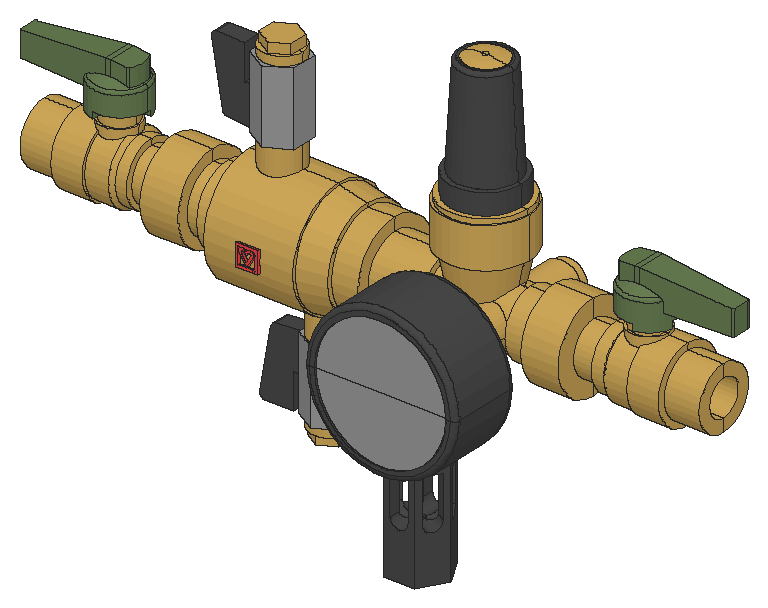
Revit family "HERZ System Separator Refilling Combination Type BA 0305", category Rohrzubehör, Revit 2021
Family settings
  Bemaßung runder Anschluss = Durchmesser verwenden
  Teiletyp = Unterbricht
  OmniClass-Nummer = 23.65.55.14
  OmniClass-Titel = Valves for Liquid Services
  Arbeitsebenenbasiert = Nein
  Immer vertikal = Ja
  Beim Laden mit Abzugskörper schneiden = Nein
  Gemeinsam genutzt = Nein
Parameters
  Vorgabe-Ansicht = 0.000 mm
  Note = "Pursuant to Article 33 of the REACH Regulation (EC No. 1907/2006), we are obliged to point out that the material lead is listed on the SVHC list and that all brass components manufactured in our products exceed 0.1% (w / w) lead (CAS: 7439-92-1 / EINECS: 231-100-4).\r\nSince lead is a component part of an alloy, actual exposure is not possible and therefore no additional information on safe use is necessary."
  Installation position = "horizontal"  # constant formula
  Factory pre-setting = 150000.0 Pa  # constant formula
  W02 = 80.00°  # constant formula
  W01 = 45.00°  # constant formula
  URL = "www.herzvalves.com"
  SC_NennweiteBerechnet = 0
  SC_Dimension = ""
  SCTWSEQ = "AW;SBT_TYP_AW=\"104\";2"
  SCTWCODE = "04;12;02"  # constant formula
  S08 = 65.000 mm  # constant formula
  S07 = 75.000 mm  # constant formula
  S06 = 27.000 mm  # constant formula
  S05 = 8.000 mm  # constant formula
  S04 = 20.000 mm  # constant formula
  S03 = 40.000 mm  # constant formula
  S02 [instance] = L17 + L18 + L19 + L20 + L21  # 74.900 mm
  S01 [instance] = D02 - 2.000 mm  # 13.200 mm
  R08 = 8.500 mm  # constant formula
  R07 = 31.000 mm  # constant formula
  R06 = 7.300 mm  # constant formula
  R05 = 6.500 mm  # constant formula
  R04 = 7.500 mm  # constant formula
  R03 = 8.500 mm  # constant formula
  R02 = 7.000 mm  # constant formula
  R01 = 8.000 mm  # constant formula
  Nennweite [instance] = 15.000 mm
  Medium = "Water"  # constant formula
  Max. permissible temperature (short-term) = 85 °C  # constant formula
  Max. operating temperature = 65 °C  # constant formula
  Max. operating pressure = 1000000.0 Pa  # constant formula
  L29 = 28.800 mm  # constant formula
  L28 = 85.300 mm  # constant formula
  L27 = 44.500 mm  # constant formula
  L26 = 48.500 mm  # constant formula
  L25 = 28.600 mm  # constant formula
  L24 = 10.100 mm  # constant formula
  L23 = 34.000 mm  # constant formula
  L22 = 22.000 mm  # constant formula
  L21 = 11.000 mm  # constant formula
  L20 = 12.000 mm  # constant formula
  L19 = 36.700 mm  # constant formula
  L18 = 8.700 mm  # constant formula
  L17 = 6.500 mm  # constant formula
  L16 = 70.500 mm  # constant formula
  L15 = 18.800 mm  # constant formula
  L14 = 30.000 mm  # constant formula
  L13 = 8.700 mm  # constant formula
  L12 = 4.800 mm  # constant formula
  L11 = 4.000 mm  # constant formula
  L10 = 23.300 mm  # constant formula
  L09 = 26.200 mm  # constant formula
  L08 = 15.500 mm  # constant formula
  L07 [instance] = size_lookup("0305_", "L7", 1.000 mm, Nennweite)  # 53.500 mm
  L06 [instance] = size_lookup("0305_", "L6", 1.000 mm, Nennweite)  # 30.700 mm
  L05 = 4.800 mm  # constant formula
  L04 = 10.000 mm  # constant formula
  L03 = 13.000 mm  # constant formula
  L02 [instance] = size_lookup("0305_", "L2", 1.000 mm, Nennweite)  # 14.600 mm
  L01 [instance] = size_lookup("0305_", "L1", 1.000 mm, Nennweite)  # 56.000 mm
  L00 [instance] = size_lookup("0305_", "L", 1.000 mm, Nennweite)  # 139.500 mm
  IG [instance] = Nennweite / 2  # 7.500 mm
  Hersteller = "HERZ Armaturen Ges.m.b.H."  # constant formula
  GT [instance] = size_lookup("0305_", "GT", 1.000 mm, Nennweite)  # 12.500 mm
  Sealing = "EPDM per KTW"  # constant formula
  D18 = 92.300 mm  # constant formula
  D17 = 66.500 mm  # constant formula
  D16 = 66.700 mm  # constant formula
  D15 = 12.200 mm  # constant formula
  D14 = 14.200 mm  # constant formula
  D13 = 19.200 mm  # constant formula
  D12 = 22.800 mm  # constant formula
  D11 = 23.700 mm  # constant formula
  D10 = 16.300 mm  # constant formula
  D09 = 13.500 mm  # constant formula
  D08 = 18.000 mm  # constant formula
  D07 = 22.000 mm  # constant formula
  D06 = 16.000 mm  # constant formula
  D05 = 10.600 mm  # constant formula
  D04 = 12.900 mm  # constant formula
  D03 = 14.400 mm  # constant formula
  D02 = 15.200 mm  # constant formula
  D01 [instance] = size_lookup("0305_", "D1", 1.000 mm, Nennweite)  # 12.600 mm
  Body = "brass, CW617N"  # constant formula
  Part number [instance] = if(Nennweite = 15.000 mm, "I030501", if(Nennweite = 20.000 mm, "I030502", "0"))  # "I030501"
  Output pressure = "0.5-3 bar"  # constant formula
  Application = "RPZ back flow preventers prevent the back-pressuring, back-flowing or back-suction of contaminated water into the drinking water network in accordance with EN 1717.\r\nApplication areas are all areas in which a connection is established between the drinking water network and industrial water through fixed or flexible lines.\r\nPreferred application fields are softening, de-acidification and de-carbonisation plants.\r\nFurthermore, the RPZ valves can also be used in disinfection plants or upstream of chemical cleaning apparatus, in order to prevent the back-flowing of chemically contaminated water."
Reference planes
  plane 1 "Mitte (Vorne/hinten)": y = 0
  plane 2: z = 0
  plane 3 "Mitte (Links/rechts)": x = 0
Forms (mm)
  Revolve 1, solid, material "Messing, weicher Gelbton, geschweißt", detail levels fine
    sketch origin (0, 0, 0) x (1, 0, 0) y (0, 0, 1)
      loop
        line (-127, 0) -> (-83.5, 0) -> (-83.5, 10.6) -> (-95.6, 10.6) -> (-95.6, 12.9) -> (-100.4, 12.9) -> (-101.9, 14.4) -> (-111.9, 14.4) -> (-111.9, 15.2) -> (-124.9, 15.2) -> (-124.9, 12.6) -> (-139.5, 12.6) -> (-139.5, 7.5) -> (-127, 7.5) -> (-127, 0)
      axis (-139.5, 0) -> (-83.5, 0)
    angle from 0 to 360
  Revolve 2, solid, material "Messing, weicher Gelbton, geschweißt", detail levels fine
    sketch origin (0, 0, 0) x (1, 0, 0) y (0, 0, 1)
      loop
        line (-100.8, 0) -> (-100.8, 16) -> (-101.8, 16) -> (-101.8, 22) -> (-108.8, 22) -> (-108.8, 0) -> (-100.8, 0)
      axis (-108.8, 22) -> (-108.8, 0)
    angle from 0 to 360
  Revolve 3, solid, material "Messing, weicher Gelbton, geschweißt", detail levels fine
    sketch origin (0, 0, 0) x (-1, 0, 0) y (0, 0, 1)
      loop
        line (-127, 0) -> (-83.5, 0) -> (-83.5, 10.6) -> (-95.6, 10.6) -> (-95.6, 12.9) -> (-100.4, 12.9) -> (-101.9, 14.4) -> (-111.9, 14.4) -> (-111.9, 15.2) -> (-124.9, 15.2) -> (-124.9, 12.6) -> (-139.5, 12.6) -> (-139.5, 7.5) -> (-127, 7.5) -> (-127, 0)
      axis (-139.5, 0) -> (-83.5, 0)
    angle from 0 to 360
  Revolve 4, solid, material "Messing, weicher Gelbton, geschweißt", detail levels fine
    sketch origin (0, 0, 0) x (-1, 0, 0) y (0, 0, 1)
      loop
        line (-100.8, 0) -> (-100.8, 16) -> (-101.8, 16) -> (-101.8, 22) -> (-108.8, 22) -> (-108.8, 0) -> (-100.8, 0)
      axis (-108.8, 22) -> (-108.8, 0)
    angle from 0 to 360
  Revolve 5, solid, material "Kunststoff GRÜN", detail levels fine
    sketch origin (-98.3, 0, 19.6) x (1, 0, 0) y (0, 0, 1)
      loop
        line (-10.5, 0) -> (0.9, 0) -> (0.9, 10.964)
        arc (0.9, 10.964) -> (0.673, 11.758) -> (0.059, 12.311) r 1.5
        line (0.059, 12.311) -> (-8.5, 16.5) -> (-10.5, 16.5) -> (-10.5, 0)
      axis (-10.5, 16.5) -> (-10.5, 0)
    angle from 0 to 360
  Extrusion 6, void
    sketch origin (-98.3, 0, 0) x (1, 0, 0) y (0, 1, 0)
      loop
        arc (-8.4, 11.205) -> (-18.561, 8.061) -> (-21.705, -2.1) r 11.4
        line (-21.705, -2.1) -> (-17.178, -2.1)
        arc (-17.178, -2.1) -> (-15.45, -4.95) -> (-12.6, -6.678) r 7
        line (-12.6, -6.678) -> (-12.6, -11.205)
        arc (-12.6, -11.205) -> (-2.439, -8.061) -> (0.705, 2.1) r 11.4
        line (0.705, 2.1) -> (-3.822, 2.1)
        arc (-3.822, 2.1) -> (-5.55, 4.95) -> (-8.4, 6.678) r 7
        line (-8.4, 6.678) -> (-8.4, 11.205)
    from 19.6 to 22.3
  Extrusion 7, solid, material "Kunststoff GRÜN", detail levels fine
    sketch origin (-98.3, 0, 0) x (1, 0, 0) y (0, 1, 0)
      loop
        line (-48.5, 3.242) -> (-48.5, -3.242)
        arc (-48.5, -3.242) -> (-48.281, -3.792) -> (-47.743, -4.041) r 0.8
        line (-47.743, -4.041) -> (-11.5, -5.987) -> (-9.5, -5.987) -> (-3.01, -5.535)
        arc (-3.01, -5.535) -> (-2.552, -5.387) -> (-2.216, -5.042) r 1
        arc (-2.216, -5.042) -> (-0.852, 0) -> (-2.216, 5.042) r 10
        arc (-2.216, 5.042) -> (-2.552, 5.387) -> (-3.01, 5.535) r 1
        line (-3.01, 5.535) -> (-9.5, 5.987) -> (-10.5, 5.987) -> (-11.5, 5.987) -> (-47.743, 4.041)
        arc (-47.743, 4.041) -> (-48.281, 3.792) -> (-48.5, 3.242) r 0.8
    from 26.6 to 40.1
  Extrusion 8, void
    sketch origin (-108.8, 0, 0) x (1, 0, 0) y (0, 0, 1)
      loop
        line (1, 40.1) -> (10.462, 39.272) -> (10.462, 41.682) -> (-40.279, 41.682) -> (-40.279, 36.664) -> (-1, 40.1) -> (0, 40.1) -> (1, 40.1)
    from 8 to -8
  Revolve 9, solid, material "Kunststoff GRÜN", detail levels fine
    sketch origin (98.3, 0, 19.6) x (-1, 0, 0) y (0, 0, -1)
      loop
        line (-10.5, 0) -> (-10.5, -16.5) -> (-8.5, -16.5) -> (0.059, -12.311)
        arc (0.059, -12.311) -> (0.673, -11.758) -> (0.9, -10.964) r 1.5
        line (0.9, -10.964) -> (0.9, 0) -> (-10.5, 0)
      axis (-10.5, -16.5) -> (-10.5, 0)
    angle from 0 to 360
  Extrusion 10, void
    sketch origin (98.3, 0, 0) x (-1, 0, 0) y (0, -1, 0)
      loop
        line (-8.4, -11.205) -> (-8.4, -6.678)
        arc (-8.4, -6.678) -> (-5.55, -4.95) -> (-3.822, -2.1) r 7
        line (-3.822, -2.1) -> (0.705, -2.1)
        arc (0.705, -2.1) -> (-2.439, 8.061) -> (-12.6, 11.205) r 11.4
        line (-12.6, 11.205) -> (-12.6, 6.678)
        arc (-12.6, 6.678) -> (-15.45, 4.95) -> (-17.178, 2.1) r 7
        line (-17.178, 2.1) -> (-21.705, 2.1)
        arc (-21.705, 2.1) -> (-18.561, -8.061) -> (-8.4, -11.205) r 11.4
    from 19.6 to 22.3
  Extrusion 11, solid, material "Kunststoff GRÜN", detail levels fine
    sketch origin (98.3, 0, 0) x (-1, 0, 0) y (0, -1, 0)
      loop
        arc (-48.5, -3.242) -> (-48.281, -3.792) -> (-47.743, -4.041) r 0.8
        line (-47.743, -4.041) -> (-11.5, -5.987) -> (-10.5, -5.987) -> (-9.5, -5.987) -> (-3.01, -5.535)
        arc (-3.01, -5.535) -> (-2.552, -5.387) -> (-2.216, -5.042) r 1
        arc (-2.216, -5.042) -> (-0.852, 0) -> (-2.216, 5.042) r 10
        arc (-2.216, 5.042) -> (-2.552, 5.387) -> (-3.01, 5.535) r 1
        line (-3.01, 5.535) -> (-9.5, 5.987) -> (-11.5, 5.987) -> (-47.743, 4.041)
        arc (-47.743, 4.041) -> (-48.281, 3.792) -> (-48.5, 3.242) r 0.8
        line (-48.5, 3.242) -> (-48.5, -3.242)
    from 26.6 to 40.1
  Extrusion 12, void
    sketch origin (108.8, 0, 0) x (-1, 0, 0) y (0, 0, -1)
      loop
        line (1, -40.1) -> (0, -40.1) -> (-1, -40.1) -> (-40.279, -36.664) -> (-40.279, -41.682) -> (10.462, -41.682) -> (10.462, -39.272) -> (1, -40.1)
    from 8 to -8
  Revolve 13, solid, material "Messing, weicher Gelbton, geschweißt", detail levels fine
    sketch origin (0, 0, 0) x (1, 0, 0) y (0, 0, 1)
      loop
        line (-86, 0) -> (-70.5, 0) -> (-70.5, 18) -> (-86, 18) -> (-86, 0)
      axis (-86, 0) -> (-70.5, 0)
    angle from 0 to 360
  Revolve 14, solid, material "Messing, weicher Gelbton, geschweißt", detail levels fine
    sketch origin (0, 0, 0) x (-1, 0, 0) y (0, 0, 1)
      loop
        line (-86, 0) -> (-70.5, 0) -> (-70.5, 18) -> (-86, 18) -> (-86, 0)
      axis (-86, 0) -> (-70.5, 0)
    angle from 0 to 360
  Revolve 15, solid, material "Messing, weicher Gelbton, geschweißt", detail levels fine
    sketch origin (0, 0, 0) x (1, 0, 0) y (0, 1, 0)
      loop
        line (59.2, 26.2) -> (59.2, 30.2) -> (51.7, 30.2) -> (51.7, -28.1) -> (58.2, -28.1) -> (58.2, -23.3) -> (60.2, -23.3) -> (60.2, 26.2) -> (59.2, 26.2)
      axis (51.7, 30.2) -> (51.7, -28.1)
    angle from 0 to 360
  Revolve 16, solid, material "Kunststoff - SCHWARZ", detail levels fine
    sketch origin (0, 0, 0) x (1, 0, 0) y (0, 1, 0)
      loop
        line (51.7, -28.1) -> (51.7, -64.8) -> (78.7, -64.8) -> (78.7, -66.8) -> (80.7, -66.8)
        arc (80.7, -66.8) -> (82.114, -66.214) -> (82.7, -64.8) r 2
        line (82.7, -64.8) -> (82.7, -38.8)
        arc (82.7, -38.8) -> (82.114, -37.386) -> (80.7, -36.8) r 2
        line (80.7, -36.8) -> (59, -36.8) -> (59, -28.1) -> (51.7, -28.1)
      axis (51.7, -28.1) -> (51.7, -66.8)
    angle from 0 to 360
  Revolve 17, solid, material "Messing, weicher Gelbton, geschweißt", detail levels fine
    sketch origin (0, 0, 0) x (1, 0, 0) y (0, 0, 1)
      loop
        line (-70.5, 0) -> (70.5, 0) -> (70.5, 13.5) -> (60.4, 13.5) -> (60.4, 12.2) -> (26.4, 12.2) -> (26.4, 14.2) -> (4.4, 14.2) -> (4.4, 19.2) -> (-6.6, 19.2) -> (-6.6, 20.684) -> (-18.6, 22.8) -> (-18.6, 23.7) -> (-55.3, 23.7) -> (-55.3, 16.3) -> (-64, 16.3) -> (-64, 13.5) -> (-70.5, 13.5) -> (-70.5, 0)
      axis (-70.5, 0) -> (70.5, 0)
    angle from 0 to 360
  Revolve 18, solid, material "Messing, weicher Gelbton, geschweißt", detail levels fine
    sketch origin (0, 0, 0) x (1, 0, 0) y (0, 0, 1)
      loop
        line (-41.9, 0) -> (-33.4, 0) -> (-33.4, 66.7) -> (-41.9, 66.7) -> (-41.9, 0)
      axis (-41.9, 0) -> (-41.9, 66.7)
    angle from 0 to 360
  Revolve 19, solid, material "Messing, weicher Gelbton, geschweißt", detail levels fine
    sketch origin (0, 0, 0) x (1, 0, 0) y (0, 0, -1)
      loop
        line (-22, 0) -> (-13.5, 0) -> (-13.5, 66.7) -> (-22, 66.7) -> (-22, 0)
      axis (-22, 0) -> (-22, 66.7)
    angle from 0 to 360
  Extrusion 20, solid, material "Messing, weicher Gelbton, geschweißt", detail levels fine
    sketch origin (0, 0, 0) x (1, 0, 0) y (0, 1, 0)
      loop
        line (-41.9, 7.5) -> (-48.395, 3.75) -> (-48.395, -3.75) -> (-41.9, -7.5) -> (-35.405, -3.75) -> (-35.405, 3.75) -> (-41.9, 7.5)
    from 66.7 <- "D16" to 70.7
  Extrusion 21, solid, material "Messing, weicher Gelbton, geschweißt", detail levels fine
    sketch origin (0, 0, 0) x (1, 0, 0) y (0, 1, 0)
      loop
        line (-22, 7.5) -> (-28.495, 3.75) -> (-28.495, -3.75) -> (-22, -7.5) -> (-15.505, -3.75) -> (-15.505, 3.75) -> (-22, 7.5)
    from -70.7 to -66.7
  Extrusion 22, solid, material "Aluminium 3003-H16", detail levels fine
    sketch origin (0, 0, 0) x (1, 0, 0) y (0, 1, 0)
      loop
        line (-41.9, 10.5) -> (-50.993, 5.25) -> (-50.993, -5.25) -> (-41.9, -10.5) -> (-32.807, -5.25) -> (-32.807, 5.25) -> (-41.9, 10.5)
    from 33.3 to 63.3
  Extrusion 23, solid, material "Aluminium 3003-H16", detail levels fine
    sketch origin (0, 0, 0) x (1, 0, 0) y (0, 1, 0)
      loop
        line (-22, 10.5) -> (-31.093, 5.25) -> (-31.093, -5.25) -> (-22, -10.5) -> (-12.907, -5.25) -> (-12.907, 5.25) -> (-22, 10.5)
    from -63.3 to -33.3
  Extrusion 24, solid, material "Kunststoff - SCHWARZ", detail levels fine
    sketch origin (0, 0, 0) x (1, 0, 0) y (0, 0, 1)
      loop
        line (-31.093, -33.8) -> (-41.854, -34.675)
        arc (-41.854, -34.675) -> (-43.039, -35.189) -> (-43.662, -36.321) r 2
        line (-43.662, -36.321) -> (-48.186, -61.952)
        arc (-48.186, -61.952) -> (-47.748, -63.585) -> (-46.216, -64.3) r 2
        line (-46.216, -64.3) -> (-34.4, -64.3) -> (-34.4, -49.8) -> (-22, -49.8) -> (-22, -33.8) -> (-31.093, -33.8)
    from -3.5 to 3.5
  Extrusion 25, solid, material "Kunststoff - SCHWARZ", detail levels fine
    sketch origin (-20, 0, 0) x (1, 0, 0) y (0, 0, 1)
      loop
        line (-31.093, 33.8) -> (-22, 33.8) -> (-22, 49.8) -> (-34.4, 49.8) -> (-34.4, 64.3) -> (-46.216, 64.3)
        arc (-46.216, 64.3) -> (-47.748, 63.585) -> (-48.186, 61.952) r 2
        line (-48.186, 61.952) -> (-43.662, 36.321)
        arc (-43.662, 36.321) -> (-43.039, 35.189) -> (-41.854, 34.675) r 2
        line (-41.854, 34.675) -> (-31.093, 33.8)
    from -3.5 to 3.5
  Revolve 26, solid, material "Messing, weicher Gelbton, geschweißt", detail levels fine
    sketch origin (0, 0, 0) x (1, 0, 0) y (0, 0, 1)
      loop
        line (-26, 0) -> (9.709, -35.709) -> (14.517, -30.901) -> (13.103, -29.486) -> (14.164, -28.426) -> (11.335, -25.597) -> (12.042, -24.89) -> (-19.424, 6.576) -> (-26, 0)
      axis (-26, 0) -> (9.709, -35.709)
    angle from 0 to 360
  Revolve 27, solid, material "Messing, weicher Gelbton, geschweißt", detail levels fine
    sketch origin (0, 0, 0) x (1, 0, 0) y (0, 0, 1)
      loop
        line (14.8, -48) -> (14.8, -66.5) -> (21.3, -66.5) -> (21.3, -65.5) -> (24.6, -65.5) -> (24.6, -54) -> (23.1, -54) -> (23.1, -50) -> (21.6, -50) -> (21.6, -48) -> (14.8, -48)
      axis (14.8, -48) -> (14.8, -66.5)
    angle from 0 to 360
  SweptBlend 28, solid, material "Messing, weicher Gelbton, geschweißt", detail levels fine
    path origin (0, 0, 0) x (1, 0, 0) y (0, 0, 1)
      loop
        arc (14.8, -48) -> (13.5, -41.338) -> (9.709, -35.709) r 17.079
    profile origin (14.8, 0, -48) x (-0.999973, 0, 0.007372) y (0, -1, 0)
      loop
        circle (0, 0) r 6.8
    end profile origin (9.709, 0, -35.709) x (-0.701878, 0, -0.712297) y (0, -1, 0)
      loop
        circle (0, 0) r 6.8
  Extrusion 29, solid, material "Kunststoff - SCHWARZ", detail levels fine
    sketch origin (1.983, -7.4, 0) x (0.866025, 0.5, 0) y (-0.5, 0.866025, 0)
      loop
        line (14.8, 12.5) -> (3.975, 6.25) -> (3.975, -6.25) -> (14.8, -12.5) -> (25.625, -6.25) -> (25.625, 6.25) -> (14.8, 12.5)
    from -107 to -58
  Extrusion 30, void
    sketch origin (0, 0, 0) x (1, 0, 0) y (0, 0, 1)
      loop
        line (11.05, -66.5) -> (11.05, -84.05)
        arc (11.05, -84.05) -> (14.8, -87.8) -> (18.55, -84.05) r 3.75
        line (18.55, -84.05) -> (18.55, -66.5) -> (11.05, -66.5)
    from 1 to 12
  Extrusion 31, void
    sketch origin (22.2, 12.817, 0) x (-0.5, -0.866025, 0) y (0, 0, -1)
      loop
        line (11.05, 66.5) -> (18.55, 66.5) -> (18.55, 84.05)
        arc (18.55, 84.05) -> (14.8, 87.8) -> (11.05, 84.05) r 3.75
        line (11.05, 84.05) -> (11.05, 66.5)
    from -12 to -1
  Extrusion 32, void
    sketch origin (22.2, -12.817, 0) x (-0.5, 0.866025, 0) y (0, 0, 1)
      loop
        line (11.05, -66.5) -> (11.05, -84.05)
        arc (11.05, -84.05) -> (14.8, -87.8) -> (18.55, -84.05) r 3.75
        line (18.55, -84.05) -> (18.55, -66.5) -> (11.05, -66.5)
    from -12 to -1
  Extrusion 33, void
    sketch origin (0, 0, 0) x (1, 0, 0) y (0, 0, 1)
      loop
        line (11.05, -66.5) -> (11.05, -84.05)
        arc (11.05, -84.05) -> (14.8, -87.8) -> (18.55, -84.05) r 3.75
        line (18.55, -84.05) -> (18.55, -66.5) -> (11.05, -66.5)
    from -12 to -1
  Extrusion 34, void
    sketch origin (22.2, -12.817, 0) x (-0.5, 0.866025, 0) y (0, 0, -1)
      loop
        line (11.05, 66.5) -> (18.55, 66.5) -> (18.55, 84.05)
        arc (18.55, 84.05) -> (14.8, 87.8) -> (11.05, 84.05) r 3.75
        line (11.05, 84.05) -> (11.05, 66.5)
    from -12 to -1
  Extrusion 35, void
    sketch origin (22.2, 12.817, 0) x (-0.5, -0.866025, 0) y (0, 0, 1)
      loop
        line (11.05, -66.5) -> (11.05, -84.05)
        arc (11.05, -84.05) -> (14.8, -87.8) -> (18.55, -84.05) r 3.75
        line (18.55, -84.05) -> (18.55, -66.5) -> (11.05, -66.5)
    from -12 to -1
  Extrusion 36, void
    sketch origin (0, 0, 0) x (1, 0, 0) y (0, 1, 0)
      loop
        circle (14.8, 0) r 2
    from -88.4 to -66.5
  Revolve 37, solid, material "Messing, weicher Gelbton, geschweißt", detail levels fine
    sketch origin (0, 0, 0) x (1, 0, 0) y (0, 0, 1)
      loop
        line (41.7, 0) -> (52.967, 0) -> (57.7, 22.6) -> (59.7, 22.6) -> (59.7, 39.2) -> (58.9, 39.2) -> (58.9, 41.2) -> (41.7, 41.2) -> (41.7, 0)
      axis (41.7, 41.2) -> (41.7, 0)
    angle from 0 to 360
  Revolve 38, solid, material "Kunststoff - SCHWARZ", detail levels fine
    sketch origin (0, 0, 0) x (1, 0, 0) y (0, 0, 1)
      loop
        line (41.7, 41.2) -> (56.7, 41.2) -> (56.7, 49.7) -> (54.7, 49.7) -> (52.769, 89.772)
        arc (52.769, 89.772) -> (52.305, 90.786) -> (51.271, 91.2) r 1.5
        line (51.271, 91.2) -> (41.7, 91.2) -> (41.7, 41.2)
      axis (41.7, 91.2) -> (41.7, 41.2)
    angle from 0 to 360
  Revolve 39, solid, material "Messing, weicher Gelbton, geschweißt", detail levels fine
    sketch origin (0, 0, 0) x (1, 0, 0) y (0, 0, 1)
      loop
        line (41.7, 90.224) -> (50.2, 90.224) -> (50.2, 91.262)
        arc (50.2, 91.262) -> (46.695, 92.029) -> (43.118, 92.3) r 25.716
        line (43.118, 92.3) -> (41.7, 92.3) -> (41.7, 90.224)
      axis (41.7, 92.3) -> (41.7, 90.224)
    angle from 0 to 360
  Revolve 40, solid, material "Acetalharz, Weiß", detail levels fine
    sketch origin (0, 0, 0) x (1, 0, 0) y (0, 1, 0)
      loop
        line (51.7, -64.8) -> (51.7, -66.3) -> (78.7, -66.3) -> (78.7, -64.8) -> (51.7, -64.8)
      axis (51.7, -66.3) -> (51.7, -64.8)
    angle from 0 to 360
Cuts and joins
  Extrusion 6, Extrusion 10 cuts Revolve 5
  Extrusion 8, Extrusion 12 cuts Extrusion 7
  Extrusion 10 cuts Revolve 2
  Extrusion 10 cuts Revolve 9
  Extrusion 12 cuts Extrusion 11
  Extrusion 30, Extrusion 31, Extrusion 32, Extrusion 33, Extrusion 34, Extrusion 35, Extrusion 36 cuts Revolve 27
  Extrusion 30, Extrusion 31, Extrusion 32, Extrusion 33, Extrusion 34, Extrusion 35, Extrusion 36 cuts Extrusion 29
Lines and regions (mm)
  model lines
    curve 1: line (-70.5, 0, 0) -> (4.4, 0, 0)
  model lines, detail levels coarse+medium
    curve 2: line (-139.5, 0, 15.2) -> (-139.5, 0, -15.2)
    curve 3: line (-139.5, 0, -15.2) -> (-83.5, 0, 15.2)
    curve 4: line (-83.5, 0, 15.2) -> (-83.5, 0, -15.2)
    curve 5: line (-83.5, 0, -15.2) -> (-139.5, 0, 15.2)
    curve 6: circle (-111.5, 0, 0) r 13.2 normal (0, -1, 0)
    curve 7: line (139.5, 0, 15.2) -> (139.5, 0, -15.2)
    curve 8: line (139.5, 0, -15.2) -> (83.5, 0, 15.2)
    curve 9: line (83.5, 0, 15.2) -> (83.5, 0, -15.2)
    curve 10: line (83.5, 0, -15.2) -> (139.5, 0, 15.2)
    curve 11: circle (111.5, 0, 0) r 13.2 normal (0, 1, 0)
    curve 12: line (-70.5, 0, 23.7) -> (4.4, 0, 23.7)
    curve 13: line (-70.5, 0, -23.7) -> (-70.5, 0, 23.7)
    curve 14: line (4.4, 0, -23.7) -> (-70.5, 0, -23.7)
    curve 15: line (4.4, 0, 23.7) -> (4.4, 0, -23.7)
    curve 16: line (-83.5, 0, 0) -> (-70.5, 0, 0)
    curve 17: line (-70.5, 0, 15.7) -> (-30.5, 0, 15.7)
    curve 18: line (-15.6, 0, 15.7) -> (4.4, 0, 15.7)
    curve 19: line (-70.5, 0, -15.7) -> (-30.5, 0, -15.7)
    curve 20: line (-15.6, 0, -15.7) -> (4.4, 0, -15.7)
    curve 21: line (4.4, 0, 0) -> (83.5, 0, 0)
    curve 22: circle (51.592, 0, 47) r 27 normal (0, -1, 0)
    curve 23: line (35.682, 0, 31.09) -> (67.502, 0, 62.91)
    curve 24: line (67.502, 0, 62.91) -> (67.502, 0, 52.91)
    curve 25: line (67.502, 0, 62.91) -> (57.502, 0, 62.91)
    curve 26: line (51.592, 0, 20) -> (51.592, 0, 0)
    curve 27: line (4.4, 0, -23.7) -> (4.4, 0, -75)
    curve 28: line (-8.1, 0, -65) -> (16.9, 0, -65)
    curve 29: line (-139.5, 15.2, 0) -> (-139.5, -15.2, 0)
    curve 30: line (-139.5, -15.2, 0) -> (-83.5, 15.2, 0)
    curve 31: line (-83.5, 15.2, 0) -> (-83.5, -15.2, 0)
    curve 32: line (-83.5, -15.2, 0) -> (-139.5, 15.2, 0)
    curve 33: circle (-111.5, 0, 0) r 13.2 normal (0, 0, 1)
    curve 34: line (139.5, 15.2, 0) -> (139.5, -15.2, 0)
    curve 35: line (139.5, -15.2, 0) -> (83.5, 15.2, 0)
    curve 36: line (83.5, 15.2, 0) -> (83.5, -15.2, 0)
    curve 37: line (83.5, -15.2, 0) -> (139.5, 15.2, 0)
    curve 38: circle (111.5, 0, 0) r 13.2 normal (0, 0, -1)
    curve 39: circle (41.3, 36.063, 0) r 27 normal (0, 0, 1)
    curve 40: line (25.39, 20.154, 0) -> (57.21, 51.973, 0)
    curve 41: line (57.21, 51.973, 0) -> (57.21, 41.973, 0)
    curve 42: line (57.21, 51.973, 0) -> (47.21, 51.973, 0)
    curve 43: line (41.3, 9.063, 0) -> (41.3, 0, 0)
    curve 44: line (-70.5, 23.7, 0) -> (4.4, 23.7, 0)
    curve 45: line (-70.5, -23.7, 0) -> (-70.5, 23.7, 0)
    curve 46: line (4.4, -23.7, 0) -> (-70.5, -23.7, 0)
    curve 47: line (4.4, 23.7, 0) -> (4.4, -23.7, 0)
    curve 48: line (-70.5, 15.7, 0) -> (-30.5, 15.7, 0)
    curve 49: line (4.4, 15.7, 0) -> (-15.6, 15.7, 0)
    curve 50: line (-70.5, -15.7, 0) -> (-30.5, -15.7, 0)
    curve 51: line (4.4, -15.7, 0) -> (-15.6, -15.7, 0)
    curve 52: line (4.4, -23.7, 0) -> (4.4, -75, 0)
    curve 53: line (-8.1, -65, 0) -> (16.9, -65, 0)
Dimensions and locks
  "IG": Revolve 1 sketch curve to plane 2
  "L01": Revolve 1 sketch curve to Revolve 1 sketch curve
  "L02": Revolve 1 sketch curve to Revolve 1 sketch curve
  "L03": Revolve 1 sketch curve to Revolve 1 sketch curve
  "L04": Revolve 1 sketch curve to Revolve 1 sketch curve
  "L05": Revolve 1 sketch curve to Revolve 1 sketch curve
  "D01": Revolve 1 sketch curve to plane 2
  "D02": Revolve 1 sketch curve to Revolve 1 sketch curve
  "D03": Revolve 1 sketch curve to plane 2
  "D04": Revolve 1 sketch curve to plane 2
  "D05": Revolve 1 sketch curve to plane 2
  "R01": Revolve 2 sketch curve to Revolve 2 sketch curve
  "L06": Revolve 1 to Revolve 2 sketch curve
  "D06": Revolve 2 sketch curve to plane 2
  "R02": Revolve 2 sketch curve to Revolve 2 sketch curve
  "D07": Revolve 2 sketch curve to plane 2
  "L00": plane 3 "Mitte (Links/rechts)" to Revolve 1 sketch curve
  "L01": Revolve 3 sketch curve to Revolve 3 sketch curve
  "L02": Revolve 3 sketch curve to Revolve 3 sketch curve
  "L03": Revolve 3 sketch curve to Revolve 3 sketch curve
  "L04": Revolve 3 sketch curve to Revolve 3 sketch curve
  "L05": Revolve 3 sketch curve to Revolve 3 sketch curve
  "D02": Revolve 3 sketch curve to Revolve 3 sketch curve
  "R01": Revolve 4 sketch curve to Revolve 4 sketch curve
  "L06": Revolve 3 to Revolve 4 sketch curve
  "R02": Revolve 4 sketch curve to Revolve 4 sketch curve
  "L00": plane 3 "Mitte (Links/rechts)" to Revolve 3 sketch curve
  "L06": Revolve 5 sketch curve to Revolve 1
  cut or joined group of Revolve 5, Extrusion 6, Extrusion 10 to plane 2 = 22.300 mm
  Extrusion 10 to plane 2 = 22.300 mm
  "L06": Revolve 9 sketch curve to Revolve 3
  "L07": Revolve 13 sketch curve to Revolve 1
  "L08": Revolve 13 sketch curve to Revolve 13 sketch curve
  "D08": Revolve 13 sketch curve to plane 2
  "L08": Revolve 14 sketch curve to Revolve 14 sketch curve
  "L07": Revolve 14 sketch curve to Revolve 3
  "D08": Revolve 14 sketch curve to plane 2
  "IG": Revolve 3 sketch curve to plane 2
  "D01": Revolve 3 sketch curve to plane 2
  "D05": Revolve 3 sketch curve to plane 2
  "D04": Revolve 3 sketch curve to plane 2
  "D03": Revolve 3 sketch curve to plane 2
  "D06": Revolve 4 sketch curve to plane 2
  "D07": Revolve 4 sketch curve to plane 2
  "L06": Extrusion 11 sketch curve to Revolve 3
  "L06": Revolve 1 to Extrusion 7 sketch curve
  cut or joined group of Extrusion 7, Extrusion 8, Extrusion 12 to Extrusion 7 sketch curve = 38.000 mm
  Extrusion 11 sketch curve to cut or joined group of Extrusion 11, Extrusion 12 = 38.000 mm
  "L06": Revolve 1 to Extrusion 8 sketch curve
  "L06": Extrusion 12 sketch curve to Revolve 3
  "R03": Revolve 15 sketch curve to Revolve 15 sketch curve
  "L09": plane 1 "Mitte (Vorne/hinten)" to Revolve 15 sketch curve
  "L10": Revolve 15 sketch curve to plane 1 "Mitte (Vorne/hinten)"
  "R04": Revolve 15 sketch curve to Revolve 15 sketch curve
  "L11": Revolve 15 sketch curve to Revolve 15 sketch curve
  "R05": Revolve 15 sketch curve to Revolve 15 sketch curve
  "L15": Revolve 15 sketch curve to Revolve 14
  "L12": Revolve 15 sketch curve to Revolve 15 sketch curve
  "R06": Revolve 15 sketch curve to Revolve 16 sketch curve
  "L13": Revolve 16 sketch curve to Revolve 16 sketch curve
  "R07": Revolve 15 sketch curve to Revolve 16 sketch curve
  "L14": Revolve 16 sketch curve to Revolve 16 sketch curve
  "R07": Revolve 16 sketch curve to Revolve 16 sketch curve
  Revolve 16 sketch curve to Revolve 16 sketch curve = 7.300 mm
  "GT": Revolve 1 sketch curve to Revolve 1 sketch curve
  "GT": Revolve 3 sketch curve to Revolve 3 sketch curve
  "L16": plane 3 "Mitte (Links/rechts)" to Revolve 17 sketch curve
  "L17": Revolve 17 sketch curve to Revolve 17 sketch curve
  "L18": Revolve 17 sketch curve to Revolve 17 sketch curve
  "L19": Revolve 17 sketch curve to Revolve 17 sketch curve
  "L20": Revolve 17 sketch curve to Revolve 17 sketch curve
  "L21": Revolve 17 sketch curve to Revolve 17 sketch curve
  "L22": Revolve 17 sketch curve to Revolve 17 sketch curve
  "L23": Revolve 17 sketch curve to Revolve 17 sketch curve
  "L24": Revolve 17 sketch curve to Revolve 17 sketch curve
  "D09": Revolve 17 sketch curve to plane 2  (x2)
  "D10": Revolve 17 sketch curve to plane 2
  "D11": Revolve 17 sketch curve to plane 2
  "D15": Revolve 17 sketch curve to plane 2
  "D14": Revolve 17 sketch curve to plane 2
  "D13": Revolve 17 sketch curve to plane 2
  "D12": Revolve 17 sketch curve to plane 2
  "L06": Revolve 1 to Extrusion 6 sketch curve
  "L06": Extrusion 10 sketch curve to Revolve 3
  "L25": Revolve 13 to Revolve 18 sketch curve
  "R08": Revolve 18 sketch curve to Revolve 18 sketch curve
  "D16": Revolve 18 sketch curve to plane 2
  "R08": Revolve 19 sketch curve to Revolve 19 sketch curve
  "L26": Revolve 13 to Revolve 19 sketch curve
  "D16": plane 2 to Revolve 19 sketch curve
  "L25": Revolve 13 to Extrusion 20 sketch curve
  "L26": Revolve 13 to Extrusion 21 sketch curve
  "L25": Revolve 13 to Extrusion 22 sketch curve
  "L26": Revolve 13 to Extrusion 23 sketch curve
  "L27": Revolve 13 to Revolve 26 sketch curve
  "L28": Revolve 13 to Revolve 27 sketch curve
  "L29": Revolve 37 sketch curve to Revolve 14
  "D18": Revolve 39 sketch curve to plane 2
  Revolve 37 sketch curve to Revolve 37 sketch curve = 11.267 mm
  "D11": nested 1 to plane 1 "Mitte (Vorne/hinten)"
  "D02": curve 5 to plane 2 to curve 3
  "D02": curve 4 to plane 2 to curve 5
  "L00": plane 3 "Mitte (Links/rechts)" to curve 2
  "L01": curve 2 to curve 4
  "D02": curve 10 to plane 2 to curve 8
  "D02": curve 9 to plane 2 to curve 10
  "L00": curve 7 to plane 3 "Mitte (Links/rechts)"
  "L01": curve 9 to curve 7
  "L16": plane 3 "Mitte (Links/rechts)" to curve 13
  "S02": curve 15 to curve 13
  "D11": curve 12 to plane 2 to curve 14
  "S05": curve 19 to curve 14
  "S05": curve 12 to curve 17
  "S05": curve 12 to curve 18
  "S05": curve 20 to curve 14
  "S04": curve 18 to curve 15
  "S03": curve 17 to curve 13
  "S03": curve 19 to curve 13
  "S04": curve 20 to curve 15
  "S07": plane 2 to curve 27
  "S08": plane 2 to curve 28
  "L00": curve 29 to plane 3 "Mitte (Links/rechts)"
  "L01": curve 29 to curve 31
  "D02": curve 30 to plane 1 "Mitte (Vorne/hinten)" to curve 32
  "D02": curve 32 to plane 1 "Mitte (Vorne/hinten)" to curve 31
  equal spacing: curve 29, curve 33, curve 31
  equal spacing: curve 2, curve 6, curve 4
  equal spacing: curve 9, curve 11, curve 7
  "L01": curve 34 to curve 36
  "D02": curve 35 to plane 1 "Mitte (Vorne/hinten)" to curve 37
  "D02": curve 37 to plane 1 "Mitte (Vorne/hinten)" to curve 36
  equal spacing: curve 34, curve 38, curve 36
  "L00": plane 3 "Mitte (Links/rechts)" to curve 34
  "L16": curve 45 to plane 3 "Mitte (Links/rechts)"
  "S02": curve 45 to curve 47
  "D11": curve 46 to plane 1 "Mitte (Vorne/hinten)" to curve 44
  "S05": curve 48 to curve 44
  "S05": curve 44 to curve 49
  "S05": curve 51 to curve 46
  "S05": curve 46 to curve 50
  "S03": curve 45 to curve 48
  "S04": curve 49 to curve 47
  "S04": curve 51 to curve 47
  "S03": curve 45 to curve 50
  "S07": curve 52 to plane 1 "Mitte (Vorne/hinten)"
  "S08": curve 53 to plane 1 "Mitte (Vorne/hinten)"
  radius of cut or joined group of Extrusion 7, Extrusion 8, Extrusion 12 = 10.000 mm
  radius of cut or joined group of Extrusion 11, Extrusion 12 = 10.000 mm
  "S01": radius of curve 6
  "S01": radius of curve 11
  "S06": radius of curve 22
  "S01": radius of curve 33
  "S01": radius of curve 38
  "S06": radius of curve 39
  "W01": angle Revolve 1 sketch curve to Revolve 1 sketch curve
  "W01": angle Revolve 3 sketch curve to Revolve 3 sketch curve
  "W02": angle Revolve 17 sketch curve to Revolve 17 sketch curve
  "W01": angle Revolve 26 sketch curve to plane 2
  "W01": angle curve 23 to curve 24
  "W01": angle curve 25 to curve 23
  "W01": angle curve 40 to curve 41
  "W01": angle curve 42 to curve 40
  aligned and locked: level to plane 2
Automatic sketch dimensions
  Extrusion 24 sketch curve to plane 3 "Mitte (Links/rechts)" = 48.186 mm
  Extrusion 24 sketch curve to Extrusion 24 sketch curve = 1.970 mm  (x2)
  Extrusion 24 sketch curve to Extrusion 24 sketch curve = 4.524 mm
  Extrusion 24 sketch curve to Extrusion 24 sketch curve = 1.807 mm
  Extrusion 24 sketch curve to Extrusion 24 sketch curve = 7.292 mm
  Extrusion 24 sketch curve to Extrusion 24 sketch curve = 10.761 mm
  Extrusion 24 sketch curve to Extrusion 24 sketch curve = 12.400 mm
  Extrusion 24 sketch curve to level = 64.300 mm
  Extrusion 24 sketch curve to Extrusion 24 sketch curve = 2.000 mm
  Extrusion 24 sketch curve to Extrusion 24 sketch curve = 14.500 mm
  Extrusion 24 sketch curve to Extrusion 24 sketch curve = 13.132 mm
  Extrusion 24 sketch curve to Extrusion 24 sketch curve = 0.348 mm
  Extrusion 24 sketch curve to Extrusion 24 sketch curve = 0.875 mm
  plane 3 "Mitte (Links/rechts)" to Extrusion 25 sketch curve = 68.186 mm
  Extrusion 25 sketch curve to Extrusion 25 sketch curve = 1.970 mm  (x2)
  Extrusion 25 sketch curve to Extrusion 25 sketch curve = 4.524 mm
  Extrusion 25 sketch curve to level = 34.675 mm
  Extrusion 25 sketch curve to Extrusion 25 sketch curve = 1.807 mm
  Extrusion 25 sketch curve to Extrusion 25 sketch curve = 7.292 mm
  Extrusion 25 sketch curve to Extrusion 25 sketch curve = 10.761 mm
  Extrusion 25 sketch curve to Extrusion 25 sketch curve = 12.400 mm
  Extrusion 25 sketch curve to Extrusion 25 sketch curve = 1.646 mm
  Extrusion 25 sketch curve to Extrusion 25 sketch curve = 13.132 mm
  Extrusion 25 sketch curve to Extrusion 25 sketch curve = 12.152 mm
  Extrusion 25 sketch curve to Extrusion 25 sketch curve = 0.348 mm
  Extrusion 25 sketch curve to Extrusion 25 sketch curve = 0.875 mm
  SweptBlend 28 sketch curve to plane 3 "Mitte (Links/rechts)" = 2.278 mm
  SweptBlend 28 sketch curve to level = 47.874 mm
  plane 3 "Mitte (Links/rechts)" to SweptBlend 28 sketch curve = 9.709 mm
  SweptBlend 28 sketch curve to SweptBlend 28 sketch curve = 5.091 mm
  SweptBlend 28 sketch curve to SweptBlend 28 sketch curve = 0.126 mm
  plane 1 "Mitte (Vorne/hinten)" to SweptBlend 28 sketch curve = 0.000 mm  (x2)
  SweptBlend 28 sketch curve to profile plane = 0.000 mm  (x2)
  plane 1 "Mitte (Vorne/hinten)" to Extrusion 29 sketch curve = 0.000 mm  (x2)
  plane 3 "Mitte (Links/rechts)" to Extrusion 29 sketch curve = 2.300 mm
  Extrusion 29 sketch curve to Extrusion 29 sketch curve = 10.825 mm  (x3)
  Extrusion 29 sketch curve to Extrusion 29 sketch curve = 12.500 mm  (x2)
  Extrusion 29 sketch curve to Extrusion 29 sketch curve = 6.250 mm  (x2)
  plane 3 "Mitte (Links/rechts)" to Extrusion 30 sketch curve = 11.050 mm
  Extrusion 30 sketch curve to Extrusion 30 sketch curve = 3.750 mm
  Extrusion 30 sketch curve to level = 84.050 mm
  Extrusion 30 sketch curve to Extrusion 30 sketch curve = 17.550 mm
  Extrusion 30 sketch curve to Extrusion 30 sketch curve = 0.000 mm
  Extrusion 31 sketch curve to level = 66.500 mm
  Extrusion 31 sketch curve to Extrusion 31 sketch curve = 3.750 mm
  Extrusion 31 sketch curve to Extrusion 31 sketch curve = 17.550 mm
  Extrusion 31 sketch curve to Extrusion 31 sketch curve = 0.000 mm
  Extrusion 32 sketch curve to level = 66.500 mm
  Extrusion 32 sketch curve to Extrusion 32 sketch curve = 3.750 mm
  Extrusion 32 sketch curve to Extrusion 32 sketch curve = 17.550 mm
  Extrusion 32 sketch curve to Extrusion 32 sketch curve = 0.000 mm
  plane 3 "Mitte (Links/rechts)" to Extrusion 33 sketch curve = 11.050 mm
  Extrusion 33 sketch curve to Extrusion 33 sketch curve = 3.750 mm
  Extrusion 33 sketch curve to level = 84.050 mm
  Extrusion 33 sketch curve to Extrusion 33 sketch curve = 17.550 mm
  Extrusion 33 sketch curve to Extrusion 33 sketch curve = 0.000 mm
  Extrusion 34 sketch curve to level = 66.500 mm
  Extrusion 34 sketch curve to Extrusion 34 sketch curve = 3.750 mm
  Extrusion 34 sketch curve to Extrusion 34 sketch curve = 17.550 mm
  Extrusion 34 sketch curve to Extrusion 34 sketch curve = 0.000 mm
  Extrusion 35 sketch curve to level = 66.500 mm
  Extrusion 35 sketch curve to Extrusion 35 sketch curve = 3.750 mm
  Extrusion 35 sketch curve to Extrusion 35 sketch curve = 17.550 mm
  Extrusion 35 sketch curve to Extrusion 35 sketch curve = 0.000 mm
  plane 1 "Mitte (Vorne/hinten)" to Extrusion 36 sketch curve = 0.000 mm
  plane 3 "Mitte (Links/rechts)" to Extrusion 36 sketch curve = 14.800 mm
  plane 3 "Mitte (Links/rechts)" to Revolve 38 sketch curve = 41.700 mm
  Revolve 38 sketch curve to Revolve 38 sketch curve = 9.571 mm
  Revolve 38 sketch curve to Revolve 38 sketch curve = 1.498 mm
  Revolve 38 sketch curve to Revolve 38 sketch curve = 13.000 mm
  Revolve 38 sketch curve to Revolve 38 sketch curve = 2.000 mm
  level to Revolve 38 sketch curve = 41.200 mm
  Revolve 38 sketch curve to Revolve 38 sketch curve = 8.500 mm
  Revolve 38 sketch curve to Revolve 38 sketch curve = 40.000 mm
  Revolve 38 sketch curve to Revolve 38 sketch curve = 0.072 mm
  Revolve 38 sketch curve to Revolve 38 sketch curve = 0.000 mm  (x3)
  plane 3 "Mitte (Links/rechts)" to Revolve 40 sketch curve = 51.700 mm
  Revolve 40 sketch curve to Revolve 40 sketch curve = 27.000 mm
  plane 1 "Mitte (Vorne/hinten)" to Revolve 40 sketch curve = 66.300 mm
  Revolve 40 sketch curve to Revolve 40 sketch curve = 1.500 mm
  Revolve 40 sketch curve to Revolve 40 sketch curve = 0.000 mm  (x3)
  curve 26 to level = 0.000 mm
  curve 11 to level = 0.000 mm
  curve 6 to level = 0.000 mm
  curve 16 to level = 0.000 mm
  curve 28 to plane 3 "Mitte (Links/rechts)" = 8.100 mm
  curve 27 to curve 28 = 12.500 mm
  curve 26 to curve 8 = 31.908 mm
  level to curve 26 = 20.000 mm
  plane 1 "Mitte (Vorne/hinten)" to curve 43 = 0.000 mm
  plane 1 "Mitte (Vorne/hinten)" to curve 1 = 0.000 mm
  plane 1 "Mitte (Vorne/hinten)" to curve 33 = 0.000 mm
  plane 1 "Mitte (Vorne/hinten)" to curve 38 = 0.000 mm
  curve 44 to curve 39 = 36.900 mm
  curve 39 to curve 40 = 15.910 mm
  curve 39 to plane 1 "Mitte (Vorne/hinten)" = 36.063 mm
  curve 39 to curve 41 = 15.910 mm
  curve 53 to plane 3 "Mitte (Links/rechts)" = 8.100 mm
  curve 52 to curve 53 = 12.500 mm
  curve 40 to curve 43 = 15.910 mm
  Revolve 1 sketch curve to level = 0.000 mm  (x2)
  Revolve 1 sketch curve to Revolve 1 sketch curve = 1236.530 mm
  plane 3 "Mitte (Links/rechts)" to Revolve 1 sketch curve = 1839.148 mm
  Revolve 2 sketch curve to level = 0.000 mm  (x2)
  Revolve 2 sketch curve to Revolve 2 sketch curve = 0.000 mm
  Revolve 2 sketch curve to Revolve 2 sketch curve = 6.000 mm
  Revolve 3 sketch curve to level = 0.000 mm  (x2)
  Revolve 3 sketch curve to Revolve 3 sketch curve = 1236.530 mm
  plane 3 "Mitte (Links/rechts)" to Revolve 3 sketch curve = 1839.148 mm
  Revolve 4 sketch curve to level = 0.000 mm  (x2)
  Revolve 4 sketch curve to Revolve 4 sketch curve = 0.000 mm
  Revolve 4 sketch curve to Revolve 4 sketch curve = 6.000 mm
  Revolve 5 sketch curve to Revolve 5 sketch curve = 2.000 mm
  Revolve 5 sketch curve to Revolve 5 sketch curve = 7.900 mm
  level to Revolve 5 sketch curve = 31.911 mm
  Revolve 5 sketch curve to Revolve 5 sketch curve = 0.659 mm
  Revolve 5 sketch curve to Revolve 5 sketch curve = 1.500 mm
  Revolve 5 sketch curve to Revolve 5 sketch curve = 10.964 mm
  Revolve 5 sketch curve to Revolve 5 sketch curve = 5.536 mm
  Revolve 5 sketch curve to Revolve 5 sketch curve = 0.000 mm  (x3)
  Extrusion 6 sketch curve to Extrusion 6 sketch curve = 0.000 mm  (x6)
  plane 1 "Mitte (Vorne/hinten)" to Extrusion 6 sketch curve = 0.000 mm
  Extrusion 6 sketch curve to Extrusion 6 sketch curve = 2.100 mm
  plane 1 "Mitte (Vorne/hinten)" to Extrusion 6 sketch curve = 2.100 mm
  Extrusion 6 sketch curve to Extrusion 6 sketch curve = 4.578 mm  (x2)
  Extrusion 6 sketch curve to Extrusion 6 sketch curve = 4.527 mm  (x2)
  Extrusion 6 sketch curve to plane 1 "Mitte (Vorne/hinten)" = 11.205 mm
  Extrusion 6 sketch curve to plane 1 "Mitte (Vorne/hinten)" = 2.100 mm
  plane 1 "Mitte (Vorne/hinten)" to Extrusion 7 sketch curve = 0.000 mm
  Extrusion 7 sketch curve to Extrusion 7 sketch curve = 0.352 mm
  Extrusion 7 sketch curve to Extrusion 7 sketch curve = 1.000 mm  (x2)
  plane 1 "Mitte (Vorne/hinten)" to Extrusion 7 sketch curve = 5.987 mm
  Extrusion 7 sketch curve to Extrusion 7 sketch curve = 0.648 mm
  plane 1 "Mitte (Vorne/hinten)" to Extrusion 7 sketch curve = 3.242 mm
  Extrusion 7 sketch curve to Extrusion 7 sketch curve = 36.200 mm
  Extrusion 7 sketch curve to plane 1 "Mitte (Vorne/hinten)" = 3.242 mm
  Extrusion 7 sketch curve to Extrusion 7 sketch curve = 0.000 mm  (x2)
  plane 1 "Mitte (Vorne/hinten)" to Extrusion 7 sketch curve = 4.041 mm
  Extrusion 7 sketch curve to Extrusion 7 sketch curve = 0.043 mm
  Extrusion 7 sketch curve to plane 1 "Mitte (Vorne/hinten)" = 4.041 mm
  Extrusion 7 sketch curve to Extrusion 7 sketch curve = 2.000 mm
  Extrusion 7 sketch curve to plane 1 "Mitte (Vorne/hinten)" = 5.987 mm
  Extrusion 7 sketch curve to Extrusion 7 sketch curve = 6.421 mm  (x2)
  plane 1 "Mitte (Vorne/hinten)" to Extrusion 7 sketch curve = 5.535 mm
  Extrusion 7 sketch curve to Extrusion 7 sketch curve = 0.069 mm  (x2)
  Extrusion 7 sketch curve to plane 1 "Mitte (Vorne/hinten)" = 5.535 mm
  Extrusion 7 sketch curve to Extrusion 7 sketch curve = 0.998 mm  (x2)
  level to Extrusion 8 sketch curve = 40.100 mm
  Extrusion 8 sketch curve to Extrusion 8 sketch curve = 1.000 mm  (x2)
  Extrusion 8 sketch curve to Extrusion 8 sketch curve = 39.279 mm
  level to Extrusion 8 sketch curve = 39.272 mm
  Extrusion 8 sketch curve to Extrusion 8 sketch curve = 9.462 mm
  level to Extrusion 8 sketch curve = 36.664 mm
  Extrusion 8 sketch curve to Extrusion 8 sketch curve = 2.410 mm
  Revolve 9 sketch curve to Revolve 9 sketch curve = 2.000 mm
  Revolve 9 sketch curve to Revolve 9 sketch curve = 7.900 mm
  level to Revolve 9 sketch curve = 31.911 mm
  Revolve 9 sketch curve to Revolve 9 sketch curve = 0.659 mm
  Revolve 9 sketch curve to Revolve 9 sketch curve = 1.500 mm
  Revolve 9 sketch curve to Revolve 9 sketch curve = 4.189 mm
  Revolve 9 sketch curve to Revolve 9 sketch curve = 10.964 mm
  Revolve 9 sketch curve to Revolve 9 sketch curve = 0.000 mm  (x3)
  Extrusion 10 sketch curve to Extrusion 10 sketch curve = 0.000 mm  (x6)
  plane 1 "Mitte (Vorne/hinten)" to Extrusion 10 sketch curve = 0.000 mm
  Extrusion 10 sketch curve to Extrusion 10 sketch curve = 2.100 mm
  Extrusion 10 sketch curve to plane 1 "Mitte (Vorne/hinten)" = 2.100 mm
  Extrusion 10 sketch curve to Extrusion 10 sketch curve = 4.578 mm  (x2)
  Extrusion 10 sketch curve to Extrusion 10 sketch curve = 4.527 mm  (x2)
  plane 1 "Mitte (Vorne/hinten)" to Extrusion 10 sketch curve = 11.205 mm
  plane 1 "Mitte (Vorne/hinten)" to Extrusion 10 sketch curve = 2.100 mm
  plane 1 "Mitte (Vorne/hinten)" to Extrusion 11 sketch curve = 0.000 mm
  Extrusion 11 sketch curve to Extrusion 11 sketch curve = 0.352 mm
  Extrusion 11 sketch curve to Extrusion 11 sketch curve = 1.000 mm  (x2)
  Extrusion 11 sketch curve to plane 1 "Mitte (Vorne/hinten)" = 5.987 mm
  Extrusion 11 sketch curve to Extrusion 11 sketch curve = 0.648 mm
  Extrusion 11 sketch curve to plane 1 "Mitte (Vorne/hinten)" = 3.242 mm
  Extrusion 11 sketch curve to Extrusion 11 sketch curve = 36.200 mm
  plane 1 "Mitte (Vorne/hinten)" to Extrusion 11 sketch curve = 3.242 mm
  Extrusion 11 sketch curve to Extrusion 11 sketch curve = 0.000 mm  (x2)
  Extrusion 11 sketch curve to plane 1 "Mitte (Vorne/hinten)" = 4.041 mm
  Extrusion 11 sketch curve to Extrusion 11 sketch curve = 0.043 mm
  plane 1 "Mitte (Vorne/hinten)" to Extrusion 11 sketch curve = 4.041 mm
  Extrusion 11 sketch curve to Extrusion 11 sketch curve = 2.000 mm
  plane 1 "Mitte (Vorne/hinten)" to Extrusion 11 sketch curve = 5.987 mm
  Extrusion 11 sketch curve to Extrusion 11 sketch curve = 6.421 mm  (x2)
  Extrusion 11 sketch curve to plane 1 "Mitte (Vorne/hinten)" = 5.535 mm
  Extrusion 11 sketch curve to Extrusion 11 sketch curve = 0.069 mm  (x2)
  plane 1 "Mitte (Vorne/hinten)" to Extrusion 11 sketch curve = 5.535 mm
  Extrusion 11 sketch curve to Extrusion 11 sketch curve = 0.998 mm  (x2)
  Extrusion 12 sketch curve to level = 40.100 mm
  Extrusion 12 sketch curve to Extrusion 12 sketch curve = 1.000 mm  (x2)
  Extrusion 12 sketch curve to Extrusion 12 sketch curve = 39.279 mm
  Extrusion 12 sketch curve to level = 39.272 mm
  Extrusion 12 sketch curve to Extrusion 12 sketch curve = 9.462 mm
  Extrusion 12 sketch curve to level = 36.664 mm
  Extrusion 12 sketch curve to Extrusion 12 sketch curve = 2.410 mm
  Revolve 13 sketch curve to level = 0.000 mm  (x2)
  Revolve 13 sketch curve to Revolve 13 sketch curve = 1431.030 mm
  plane 3 "Mitte (Links/rechts)" to Revolve 13 sketch curve = 1839.148 mm
  Revolve 14 sketch curve to level = 0.000 mm  (x2)
  Revolve 14 sketch curve to Revolve 14 sketch curve = 1431.030 mm
  plane 3 "Mitte (Links/rechts)" to Revolve 14 sketch curve = 1839.148 mm
  Revolve 15 sketch curve to Revolve 15 sketch curve = 0.000 mm  (x3)
  Revolve 16 sketch curve to Revolve 16 sketch curve = 4.000 mm
  Revolve 16 sketch curve to Revolve 16 sketch curve = 2.000 mm  (x4)
  plane 1 "Mitte (Vorne/hinten)" to Revolve 16 sketch curve = 66.800 mm
  Revolve 16 sketch curve to Revolve 16 sketch curve = 0.000 mm  (x2)
  Revolve 17 sketch curve to level = 0.000 mm  (x2)
  Revolve 17 sketch curve to Revolve 17 sketch curve = 1436.030 mm
  Revolve 17 sketch curve to Revolve 17 sketch curve = 1768.648 mm
  Revolve 18 sketch curve to level = 0.000 mm  (x2)
  Revolve 18 sketch curve to Revolve 18 sketch curve = 0.000 mm  (x2)
  Revolve 19 sketch curve to level = 0.000 mm  (x2)
  Revolve 19 sketch curve to Revolve 19 sketch curve = 0.000 mm  (x2)
  plane 1 "Mitte (Vorne/hinten)" to Extrusion 20 sketch curve = 3.750 mm  (x2)
  Extrusion 20 sketch curve to Extrusion 20 sketch curve = 6.495 mm  (x3)
  plane 1 "Mitte (Vorne/hinten)" to Extrusion 20 sketch curve = 7.500 mm
  Extrusion 20 sketch curve to plane 1 "Mitte (Vorne/hinten)" = 3.750 mm  (x2)
  Extrusion 20 sketch curve to plane 1 "Mitte (Vorne/hinten)" = 7.500 mm
  plane 1 "Mitte (Vorne/hinten)" to Extrusion 21 sketch curve = 3.750 mm  (x2)
  Extrusion 21 sketch curve to Extrusion 21 sketch curve = 6.495 mm  (x3)
  plane 1 "Mitte (Vorne/hinten)" to Extrusion 21 sketch curve = 7.500 mm
  Extrusion 21 sketch curve to plane 1 "Mitte (Vorne/hinten)" = 3.750 mm  (x2)
  Extrusion 21 sketch curve to plane 1 "Mitte (Vorne/hinten)" = 7.500 mm
  plane 1 "Mitte (Vorne/hinten)" to Extrusion 22 sketch curve = 5.250 mm  (x2)
  Extrusion 22 sketch curve to Extrusion 22 sketch curve = 9.093 mm  (x3)
  plane 1 "Mitte (Vorne/hinten)" to Extrusion 22 sketch curve = 10.500 mm
  Extrusion 22 sketch curve to plane 1 "Mitte (Vorne/hinten)" = 5.250 mm  (x2)
  Extrusion 22 sketch curve to plane 1 "Mitte (Vorne/hinten)" = 10.500 mm
  plane 1 "Mitte (Vorne/hinten)" to Extrusion 23 sketch curve = 5.250 mm  (x2)
  Extrusion 23 sketch curve to Extrusion 23 sketch curve = 9.093 mm  (x3)
  plane 1 "Mitte (Vorne/hinten)" to Extrusion 23 sketch curve = 10.500 mm
  Extrusion 23 sketch curve to plane 1 "Mitte (Vorne/hinten)" = 5.250 mm  (x2)
  Extrusion 23 sketch curve to plane 1 "Mitte (Vorne/hinten)" = 10.500 mm
  Revolve 26 sketch curve to level = 0.000 mm  (x2)
  level to Revolve 26 sketch curve = 6.576 mm
  plane 3 "Mitte (Links/rechts)" to Revolve 26 sketch curve = 9.709 mm
  Revolve 26 sketch curve to Revolve 26 sketch curve = 1.626 mm
  Revolve 26 sketch curve to Revolve 26 sketch curve = 0.707 mm
  Revolve 26 sketch curve to Revolve 26 sketch curve = 1.768 mm
  Revolve 26 sketch curve to Revolve 26 sketch curve = 1.061 mm
  Revolve 26 sketch curve to Revolve 26 sketch curve = 0.000 mm
  Revolve 26 sketch curve to Revolve 26 sketch curve = 5.091 mm  (x2)
  Revolve 27 sketch curve to Revolve 27 sketch curve = 0.000 mm  (x2)
  Revolve 27 sketch curve to Revolve 27 sketch curve = 6.500 mm
  Revolve 27 sketch curve to Revolve 27 sketch curve = 6.800 mm
  Revolve 27 sketch curve to Revolve 27 sketch curve = 1.500 mm
  Revolve 27 sketch curve to Revolve 27 sketch curve = 3.300 mm
  Revolve 27 sketch curve to level = 66.500 mm
  Revolve 27 sketch curve to Revolve 27 sketch curve = 1.000 mm
  Revolve 27 sketch curve to Revolve 27 sketch curve = 11.500 mm
  Revolve 27 sketch curve to Revolve 27 sketch curve = 4.000 mm
  Revolve 27 sketch curve to Revolve 27 sketch curve = 2.000 mm
  Revolve 27 sketch curve to Revolve 27 sketch curve = 7.200 mm
  Revolve 37 sketch curve to level = 0.000 mm  (x2)
  Revolve 37 sketch curve to Revolve 37 sketch curve = 11.267 mm
  level to Revolve 37 sketch curve = 22.600 mm
  Revolve 37 sketch curve to Revolve 37 sketch curve = 4.733 mm
  Revolve 37 sketch curve to Revolve 37 sketch curve = 17.200 mm
  Revolve 37 sketch curve to Revolve 37 sketch curve = 2.000 mm  (x2)
  Revolve 37 sketch curve to Revolve 37 sketch curve = 16.600 mm
  Revolve 37 sketch curve to Revolve 37 sketch curve = 0.000 mm
  plane 3 "Mitte (Links/rechts)" to Revolve 39 sketch curve = 41.700 mm
  Revolve 39 sketch curve to Revolve 39 sketch curve = 1.267 mm
  Revolve 39 sketch curve to Revolve 39 sketch curve = 1.418 mm
  Revolve 39 sketch curve to Revolve 39 sketch curve = 7.082 mm
  Revolve 39 sketch curve to Revolve 39 sketch curve = 1.038 mm  (x2)
  Revolve 39 sketch curve to Revolve 39 sketch curve = 0.000 mm  (x3)
  plane 3 "Mitte (Links/rechts)" to curve 22 = 51.592 mm
  curve 22 to curve 25 = 15.910 mm
  level to curve 22 = 47.000 mm
  curve 22 to curve 24 = 15.910 mm
  radius of SweptBlend 28 sketch curve = 6.800 mm  (x2)
  radius of Extrusion 36 sketch curve = 2.000 mm
Nested families
  nested 1: "Herz-Logo-vorne" at (-37, -23.7, 0) x (0, 1, 0) z (0, 0, 1), type "Herz-Logo-vorne", detail levels fine
Connectors
  piping at (-127, 0, 0), diameter 15, driven by "Nennweite"
    settings: on Revolve 1, index 1, connector inside diameter 609.6 mm, connector length 0.000 mm, flow factor 0, pipe flow 0.0 L/s, pressure drop 0.0 Pa, fitting loss kfactor 0, connector angle 0.00°, fixture units 0, engagement length 0.000 mm, angle of deflection 0.00°, flow configuration 0, flow direction 1, fitting loss method 0, system type 20, joint type 0, gender type 0, connector reference index -1, connector utility 0, adjustable connector no, is connector primary yes, connector description ""
  piping at (127, 0, 0), diameter 15, driven by "Nennweite"
    settings: on Revolve 3, index 2, connector inside diameter 609.6 mm, connector length 0.000 mm, flow factor 0, pipe flow 0.0 L/s, pressure drop 0.0 Pa, fitting loss kfactor 0, connector angle 0.00°, fixture units 0, engagement length 0.000 mm, angle of deflection 0.00°, flow configuration 0, flow direction 2, fitting loss method 0, system type 29, joint type 0, gender type 0, connector reference index -1, connector utility 0, adjustable connector no, is connector primary no, connector description ""
Definition of nested family "Herz-Logo-vorne"
  Parameters (values of type "Herz-Logo-vorne")
    Default Elevation = 0.000 mm
  Reference planes
    plane 1 "Mitte (Vorne/hinten)": y = 0
    plane 2: z = 0
    plane 3 "Mitte (Links/rechts)": x = 0
  Forms (mm)
    Extrusion 1, solid
      sketch origin (0.732, -0.018, 0.017) x (0, -1, 0) y (0, 0, 1)
        loop
          line (-0.018, -4.517) -> (4.482, -4.517) -> (4.482, 4.483) -> (-4.518, 4.483) -> (-4.518, -4.517) -> (-0.018, -4.517)
        loop
          line (-0.05, -3.48) -> (3.482, -3.48) -> (3.482, 3.483) -> (-3.518, 3.483) -> (-3.518, -3.48) -> (-0.05, -3.48)
        loop
          arc (-0.018, 2.383) -> (-1.543, 3.287) -> (-3.067, 2.383) r 1.738
          arc (-3.067, 2.383) -> (-3.191, 1.899) -> (-3.067, 1.415) r 1.009
          line (-3.067, 1.415) -> (-0.018, -3.281) -> (3.032, 1.415)
          arc (3.032, 1.415) -> (3.156, 1.899) -> (3.032, 2.383) r 1.009
          arc (3.032, 2.383) -> (1.507, 3.287) -> (-0.018, 2.383) r 1.738
        loop
          arc (1.885, 1.272) -> (2.005, 1.675) -> (1.885, 2.079) r 0.74
          arc (1.885, 2.079) -> (1.265, 2.416) -> (0.644, 2.079) r 0.74
          line (0.644, 2.079) -> (-0.018, 0.97) -> (-0.679, 2.079)
          arc (-0.679, 2.079) -> (-1.3, 2.416) -> (-1.921, 2.079) r 0.74
          arc (-1.921, 2.079) -> (-2.04, 1.675) -> (-1.921, 1.272) r 0.74
          line (-1.921, 1.272) -> (-0.018, -1.658) -> (1.885, 1.272)
      from 0 to 1.5
  Dimensions and locks
    aligned and locked: level to plane 2
